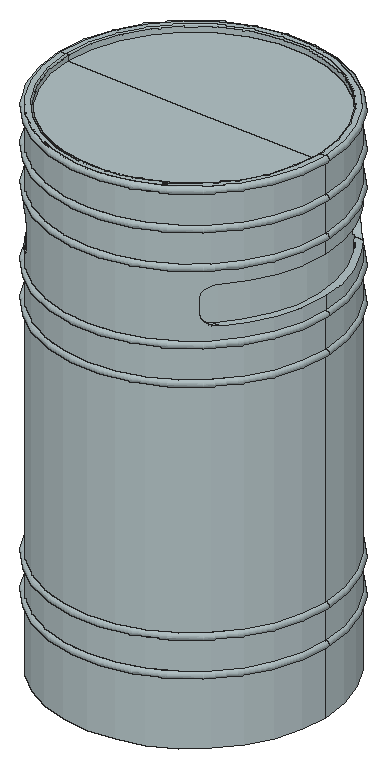
Revit family
Parameters
  height = 800 mm
  Material Bin = Metal - Blue/Grey
Reference planes
  plane 1 "Center (Front/Back)": y = 0
  plane 2: z = 0
  plane 3 "Center (Left/Right)": x = 0
  plane 4: z = 800
  plane 5: x = 200
Forms (mm)
  Revolve 1, solid, material "Metal - Blue/Grey" <- "Material Bin"
    sketch origin (0, 0, 0) x (1, 0, 0) y (0, 0, 1)
      loop
        line (200, 10) -> (0, 10) -> (0, 0) -> (210, 0) -> (210, 100)
        arc (210, 100) -> (215, 105) -> (210, 110) r 5
        line (210, 110) -> (210, 155)
        arc (210, 155) -> (215, 160) -> (210, 165) r 5
        line (210, 165) -> (210, 515)
        arc (210, 515) -> (215, 520) -> (210, 525) r 5
        line (210, 525) -> (210, 570)
        arc (210, 570) -> (215, 575) -> (210, 580) r 5
        line (210, 580) -> (210, 680)
        arc (210, 680) -> (215, 685) -> (210, 690) r 5
        line (210, 690) -> (210, 735)
        arc (210, 735) -> (215, 740) -> (210, 745) r 5
        line (210, 745) -> (210, 790)
        arc (210, 790) -> (215, 795) -> (210, 800) r 5
        line (210, 800) -> (202.032, 800)
        arc (202.032, 800) -> (200.595, 799.405) -> (200, 797.968) r 2.032
        line (200, 797.968) -> (200, 790) -> (0, 790) -> (0, 780) -> (200, 780) -> (200, 10)
      axis (0, 800) -> (0, 0)
    angle from 0 to 360
  Extrusion 2, void
    sketch origin (0, 0, 0) x (0, -1, 0) y (0, 0, 1)
      loop
        line (140, 660) -> (-140, 660)
        arc (-140, 660) -> (-154.142, 654.142) -> (-160, 640) r 20
        line (-160, 640) -> (-160, 620)
        arc (-160, 620) -> (-154.142, 605.858) -> (-140, 600) r 20
        line (-140, 600) -> (140, 600)
        arc (140, 600) -> (154.142, 605.858) -> (160, 620) r 20
        line (160, 620) -> (160, 640)
        arc (160, 640) -> (154.142, 654.142) -> (140, 660) r 20
    from -266.562 to 261.371
Cuts and joins
  Extrusion 2 cuts Revolve 1
Dimensions and locks
  "height": plane 4 to level
Automatic sketch dimensions
  Revolve 1 sketch curve to level = 0 mm  (x2)
  Revolve 1 sketch curve to plane 3 "Center (Left/Right)" = 0 mm  (x3)
  Revolve 1 sketch curve to plane 5 = 0 mm  (x2)
  Revolve 1 sketch curve to plane 4 = 0 mm  (x2)
  Revolve 1 sketch curve to plane 5 = 2.032 mm
  Revolve 1 sketch curve to plane 5 = 10 mm
  level to Revolve 1 sketch curve = 10 mm
  Revolve 1 sketch curve to Revolve 1 sketch curve = 90 mm
  Revolve 1 sketch curve to Revolve 1 sketch curve = 5 mm  (x6)
  Revolve 1 sketch curve to Revolve 1 sketch curve = 45 mm  (x3)
  Revolve 1 sketch curve to Revolve 1 sketch curve = 282.968 mm
  Revolve 1 sketch curve to Revolve 1 sketch curve = 100 mm
  Revolve 1 sketch curve to Revolve 1 sketch curve = 17.968 mm
  Revolve 1 sketch curve to Revolve 1 sketch curve = 7.968 mm
  plane 4 to Revolve 1 sketch curve = 10 mm
  Extrusion 2 sketch curve to Extrusion 2 sketch curve = 20 mm  (x4)
  plane 1 "Center (Front/Back)" to Extrusion 2 sketch curve = 140 mm
  Extrusion 2 sketch curve to Extrusion 2 sketch curve = 0 mm
  Extrusion 2 sketch curve to plane 1 "Center (Front/Back)" = 140 mm
  plane 4 to Extrusion 2 sketch curve = 200 mm
